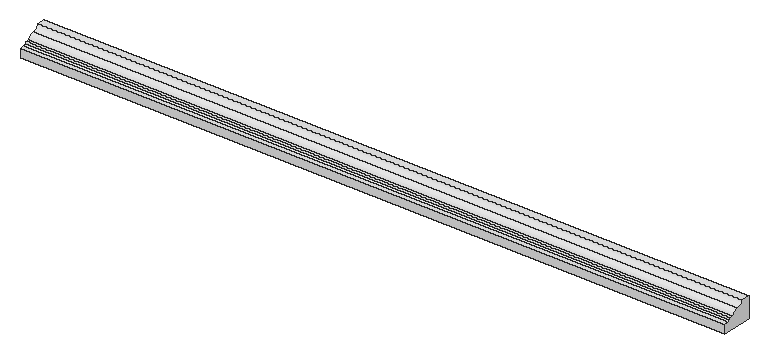
Revit family "13-MOULDING-CADS-159-PCBRAMSCROWN-4-REVIT_Versatex-Generic-Model-RAMS-CROWN-MOULDING", category Generic Models, host Face, Revit 2026
Family settings
  Host = Face
  Can host rebar = No
  Round Connector Dimension = Use Diameter
  Part Type = Normal
  Cut with Voids When Loaded = No
  Maintain Annotation Orientation = No
  Shared = No
  Room Calculation Point = No
Parameters
  Model = "PCBRAMSCROWN"
  Length = 4' - 0"
  Warranty = "https://versatex.com/warranty/"
  URL = "https://versatex.com/"
  Specification = "https://www.arcat.com/company/versatex-45716/spec?coid=45716"
  Sales Information = "https://versatex.com/dealer-locator/"
  Message Manufacturer = "https://versatex.com/contact/"
  Material = Versatex PVC - Smooth
  Manufacturer Website = "https://versatex.com/"
  Manufacturer Phone = "724-857-1111"
  Manufacturer Fax = "724-857-1171"
  Manufacturer Address = "400 Steel Street, Aliquippa, PA 15001"
  Manufacturer = "Versatex"
  Literature = "https://versatex.com/literature/?_sft_literature_category=cads"
  Description = "RAMS CROWN MOULDING"
  Default Elevation = 4' - 0"
  Copyright = "© 2024 VERSATEX Building Products, LLC"
Reference planes (in)
  plane 1 "Center (Front/Back)": y = 0
  plane 2: z = 0
  plane 3 "Center (Left/Right)": x = 0
  plane 4: x = 24
  plane 5: x = -24
Forms (in)
  Sweep 1, solid, material "Versatex PVC - Smooth" <- "Material"
    path origin (0, 0, 0) x (1, 0, 0) y (0, 1, 0)
      loop
        line (-24, 0) -> (24, 0)
    profile "Versatex_Profile_RAMS CROWN MOULDING : Versatex_Profile_RAMS CROWN MOULDING" origin (0, 0, 0) x (0, 1, 0) y (0, 0, 1)
      loop
        line (0.72988, 0.74833) -> (0.54667, 0.74833)
        arc (0.54667, 0.74833) -> (0.47406, 0.71558) -> (0.44545, 0.64125) r 0.10479
        arc (0.44545, 0.64125) -> (0.40444, 0.58098) -> (0.3377, 0.55167) r 0.13203
        line (0.3377, 0.55167) -> (0, 0.55167) -> (0, 0) -> (2.04167, 0) -> (2.04167, 1.39833) -> (1.53, 1.39833)
        arc (1.53, 1.39833) -> (1.38241, 1.17579) -> (1.13618, 1.07247) r 0.46083
        arc (1.13618, 1.07247) -> (0.88169, 0.97476) -> (0.72988, 0.74833) r 0.45133
Dimensions and locks (in)
  "Length": plane 5 to plane 4
  equal spacing: plane 5, plane 3 "Center (Left/Right)", plane 4, locked at 24 each
  aligned and locked: plane 2 to host face
  aligned and locked: level to host face
Automatic sketch dimensions
  host sketch curve to host sketch curve = 8' - 0"  (x2)
  plane 1 "Center (Front/Back)" to Sweep 1 sketch curve = 0' - 0"
  Sweep 1 sketch curve to plane 5 = 0' - 0"
  Sweep 1 sketch curve to plane 4 = 0' - 0"
